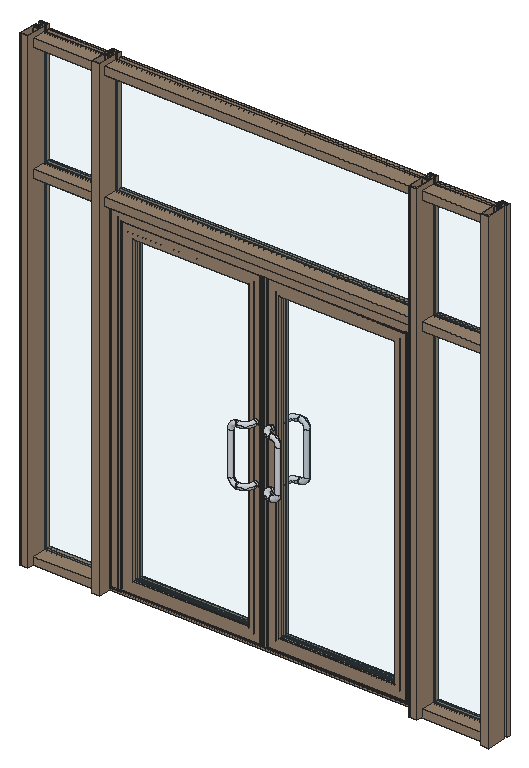
Revit family "5_Витраж с двустворчатой дверью наруж. открывания_F50", category Двери, Revit 2019
Family settings
  Основа = Стена
  Номер OmniClass = 23.30.20.17.11
  Заголовок OmniClass = Fixed Windows
  Всегда вертикально = Да
  При загрузке вырезать с полостями = Нет
  Общий = Нет
  Точка расчета площади = Нет
Parameters (values of type "Стоечно-ригельная F50")
  Ширина прав. = 475.00 mm
  Ширина лев. [instance] = 474.998 mm
  Ширина двери = 2000.00 mm
  Width [instance] = 0.00 mm  # constant formula
  Монтажный зазор.Верх [instance] = 25.00 mm
  Зазор_них_двери = 5.00 mm
  Высота двери = 2200.00 mm
  Высота верхней секции [instance] = 800.00 mm
  VIDNAL_Ширина створки = 1000.00 mm
  VIDNAL_Ширина проема [instance] = 3000.00 mm
  VIDNAL_Цвет конструкции = ""
  VIDNAL_Фурнитура [instance] = ""
  VIDNAL_Формула стеклопакета [instance] = ""
  VIDNAL_Толщина стеклопакета [instance] = "24"  # constant formula
  VIDNAL_Сопротивление ветровой нагрузке = ""
  VIDNAL_Система профилей [instance] = "F50"  # constant formula
  VIDNAL_Площадь изделия [instance] = VIDNAL_Высота проема * VIDNAL_Ширина проема  # 9.00 m²
  VIDNAL_Звукоизоляция [instance] = ""
  VIDNAL_Глубина вставки [instance] = 200.00 mm
  VIDNAL_Высота проема [instance] = 3000.00 mm
  Rough Width = 0.00 mm  # constant formula
  Rough Height = 0.00 mm  # constant formula
  Описание = "Окно"
  Обозначение = "ГОСТ 23747-2015"
  Наименование = ""
  Монтажный зазор.Правый [instance] = 25.00 mm
  Монтажный зазор.Левый [instance] = 25.002 mm
  Марка проема [instance] = ""
  Model = ""
  Стекло = АС_Стекло
  Рама = Алюминий
  Type Comments = ""
  Assembly Code = ""
  Wall Closure = (empty or 0)
  Height [instance] = 0.00 mm  # constant formula
  Аналитическая конструкция = "<Нет>"
  VIDNAL_Возухопроницаемость [instance] = ""
  VIDNAL_Водонепроницаемость [instance] = ""
  VIDNAL_Rприв. профиля со стеклопакетом [instance] = ""
  ADSK_Позиция [instance] = ""
  ADSK_Завод-изготовитель [instance] = "VIDNAL"  # constant formula
Reference planes
  plane 1 "Глубина профиля": y = -152.984
  plane 2 "Отметка 0.000": z = 0
  plane 3 "Слева": x = -1260.6
  plane 4 "Справа": x = 1739.4
  plane 5 "низ рамы": z = 8.998
  plane 6 "ВЕРХ": z = 3000
  plane 7 "Внутренняя": y = -190
  plane 8 "рама верх": z = 2200
  plane 9: y = 190
  plane 10 "стойка1": x = -1235.598
  plane 11 "стойка2": x = -760.6
  plane 12 "стойка3": x = 1239.4
  plane 13 "стойка4": x = 1714.4
  plane 14 "Вставка витража": y = 10
  plane 15 "стекло2": x = -772.6
  plane 16 "верх ригеля": z = 2975
  plane 17 "стекло3": x = -1198.598
  plane 18 "стекло верх": z = 2935.5
  plane 19 "ригель2": z = 2210.5
  plane 20 "стекло сред": z = 2222.5
  plane 21 "стекло прав": x = 1251.4
  plane 22 "стекло прав2": x = 1676.9
  plane 23 "стекло низ": z = 37.5
  plane 24 "Импост": y = -8
  plane 25 "Вставка рамы_слева": x = -750.1
  plane 26 "Вставка рамы_справа": x = 1228.905
  plane 27 "Вставка двери": y = -80
  plane 28 "Ось Штульпа": x = 239.402
  plane 29 "Створка правая": x = 241.902
  plane 30 "Створка левая": x = 236.902
Forms (mm)
  Extrusion 1, void, detail levels medium+fine
    sketch origin (0, 38, 0) x (0, 0, 1) y (-1, 0, 0)
      loop
        line (3000, -1739.4) -> (3000, 1260.6) -> (0, 1260.6) -> (0, -1739.4) -> (3000, -1739.4)
    from -152 to 228
  Sweep 2, solid, material "Алюминий" <- "Рама"
    path origin (0, 10, 0) x (0, 0, -1) y (-1, 0, 0)
      loop
        line (0, 1235.598) -> (-3000, 1235.598)
    profile "Стойка_110_F50 : Стойка_110_F50" origin (-1235.598, 10, 1500) x (1, 0, 0) y (0, 1, 0)
      loop
        line (47.802, -65.689) -> (2.202, -65.689) -> (2.202, -159.701) -> (47.802, -159.701) -> (47.802, -65.689)
      loop
        line (27, -22.742) -> (27, -17) -> (23.003, -17) -> (23.003, -22.742) -> (27, -22.742)
      loop
        line (27.002, -33.984) -> (27.002, -24.129) -> (23.002, -24.129) -> (23.002, -33.984) -> (27.002, -33.984)
      loop
        line (27.002, -54.258) -> (27.002, -35.261) -> (23.002, -35.261) -> (23.002, -54.258) -> (27.002, -54.258)
      loop
        line (28.302, -63.458) -> (28.302, -55.984) -> (21.702, -55.984) -> (21.702, -63.458) -> (28.302, -63.458)
      loop
        line (2.15, -12) -> (2.15, -15) -> (11.1, -15) -> (11.1, -12) -> (2.15, -12)
      loop
        line (38.9, -12) -> (38.9, -15) -> (47.85, -15) -> (47.85, -12) -> (38.9, -12)
      loop
        line (36.9, -13) -> (36.9, -10) -> (45.838, -10) -> (45.838, -7) -> (49, -7) -> (49, -1.4) -> (1, -1.4) -> (1, -7) -> (4.181, -7) -> (4.181, -10) -> (13.1, -10) -> (13.1, -13) -> (36.9, -13)
      loop
        line (50, 0) -> (0, 0) -> (0, -17.984) -> (12.999, -17.984) -> (12.999, -16.984) -> (14.683, -16.984) -> (14.683, -15) -> (20, -15) -> (20, -63.484) -> (2.202, -63.484) -> (2.202, -58.984) -> (9.709, -58.984) -> (11.764, -56.825) -> (11.764, -53.006) -> (12.992, -53.006) -> (12.992, -41.959) -> (0.002, -41.959) -> (0.002, -53.006) -> (0.002, -162.984) -> (49.952, -162.984) -> (49.952, -53.065) -> (49.952, -41.967) -> (37.007, -41.967) -> (37.007, -53.065) -> (38.202, -53.065) -> (38.202, -56.832) -> (40.295, -58.984) -> (47.802, -58.984) -> (47.802, -63.458) -> (30, -63.458) -> (30, -15) -> (35.317, -15) -> (35.317, -16.99) -> (37.002, -16.99) -> (37.002, -18) -> (50, -18) -> (50, 0)
  Sweep 3, solid, material "Алюминий" <- "Рама"
    path origin (0, 10, 0) x (0, 0, -1) y (-1, 0, 0)
      loop
        line (0, 760.6) -> (-3000, 760.6)
    profile "Стойка_110_F50 : Стойка_110_F50" origin (-760.6, 10, 1500) x (1, 0, 0) y (0, 1, 0)
      loop
        line (22.802, -65.689) -> (-22.798, -65.689) -> (-22.798, -159.701) -> (22.802, -159.701) -> (22.802, -65.689)
      loop
        line (2, -22.742) -> (2, -17) -> (-1.997, -17) -> (-1.997, -22.742) -> (2, -22.742)
      loop
        line (2.002, -33.984) -> (2.002, -24.129) -> (-1.998, -24.129) -> (-1.998, -33.984) -> (2.002, -33.984)
      loop
        line (2.002, -54.258) -> (2.002, -35.261) -> (-1.998, -35.261) -> (-1.998, -54.258) -> (2.002, -54.258)
      loop
        line (3.302, -63.458) -> (3.302, -55.984) -> (-3.298, -55.984) -> (-3.298, -63.458) -> (3.302, -63.458)
      loop
        line (-22.85, -12) -> (-22.85, -15) -> (-13.9, -15) -> (-13.9, -12) -> (-22.85, -12)
      loop
        line (13.9, -12) -> (13.9, -15) -> (22.85, -15) -> (22.85, -12) -> (13.9, -12)
      loop
        line (11.9, -13) -> (11.9, -10) -> (20.838, -10) -> (20.838, -7) -> (24, -7) -> (24, -1.4) -> (-24, -1.4) -> (-24, -7) -> (-20.819, -7) -> (-20.819, -10) -> (-11.9, -10) -> (-11.9, -13) -> (11.9, -13)
      loop
        line (25, 0) -> (-25, 0) -> (-25, -17.984) -> (-12.001, -17.984) -> (-12.001, -16.984) -> (-10.317, -16.984) -> (-10.317, -15) -> (-5, -15) -> (-5, -63.484) -> (-22.798, -63.484) -> (-22.798, -58.984) -> (-15.291, -58.984) -> (-13.236, -56.825) -> (-13.236, -53.006) -> (-12.008, -53.006) -> (-12.008, -41.959) -> (-24.998, -41.959) -> (-24.998, -53.006) -> (-24.998, -162.984) -> (24.952, -162.984) -> (24.952, -53.065) -> (24.952, -41.967) -> (12.007, -41.967) -> (12.007, -53.065) -> (13.202, -53.065) -> (13.202, -56.832) -> (15.295, -58.984) -> (22.802, -58.984) -> (22.802, -63.458) -> (5, -63.458) -> (5, -15) -> (10.317, -15) -> (10.317, -16.99) -> (12.002, -16.99) -> (12.002, -18) -> (25, -18) -> (25, 0)
  Sweep 4, solid, material "Алюминий" <- "Рама"
    path origin (0, 10, 0) x (0, 0, -1) y (-1, 0, 0)
      loop
        line (-2975, 1185.646) -> (-2975, 785.598)
    profile "Ригель_86_F50 : Ригель_86_F50" origin (-985.622, 10, 2975) x (0, 0, -1) y (0, 1, 0)
      loop
        line (10.999, -40.802) -> (1.81, -40.802) -> (1.81, -48) -> (10.999, -48) -> (10.999, -40.802)
      loop
        line (48.199, -40.802) -> (39.01, -40.802) -> (39.01, -48) -> (48.199, -48) -> (48.199, -40.802)
      loop
        line (48.199, -128.4) -> (48.199, -49.673) -> (1.788, -49.673) -> (1.788, -128.4) -> (48.199, -128.4)
      loop
        line (28.5, -21.077) -> (28.5, -14) -> (21.5, -14) -> (21.5, -21.077) -> (28.5, -21.077)
      loop
        line (28.5, -31.01) -> (28.5, -22.563) -> (21.5, -22.563) -> (21.5, -31.01) -> (28.5, -31.01)
      loop
        line (27, -48) -> (27, -33.139) -> (23.02, -33.139) -> (23.02, -48) -> (27, -48)
      loop
        line (2.15, -9) -> (2.15, -12) -> (11.1, -12) -> (11.1, -9) -> (2.15, -9)
      loop
        line (38.9, -9) -> (38.9, -12) -> (47.85, -12) -> (47.85, -9) -> (38.9, -9)
      loop
        line (36.9, -10) -> (36.9, -7) -> (45.819, -7) -> (45.838, -4) -> (49, -4) -> (49, -1.4) -> (1, -1.4) -> (1, -4) -> (4.181, -4) -> (4.181, -7) -> (13.1, -7) -> (13.1, -10) -> (36.9, -10)
      loop
        line (20, -12) -> (20, -48) -> (12.8, -48) -> (12.8, -39) -> (0.024, -39) -> (0.024, -130) -> (50, -130) -> (50, -39) -> (37.2, -39) -> (37.2, -48) -> (29.9, -48) -> (29.9, -12) -> (35.317, -12) -> (35.317, -13.99) -> (37.002, -13.99) -> (37.002, -15) -> (50, -15) -> (50, 0) -> (0, 0) -> (0, -14.984) -> (12.999, -14.984) -> (12.999, -13.984) -> (14.683, -13.984) -> (14.683, -12) -> (20, -12)
  Sweep 5, solid, material "Алюминий" <- "Рама"
    path origin (0.048, 10, 0) x (0, 0, -1) y (-1, 0, 0)
      loop
        line (0, -1714.4) -> (-3000, -1714.4)
    profile "Стойка_110_F50 : Стойка_110_F50" origin (1714.448, 10, 1500) x (1, 0, 0) y (0, 1, 0)
      loop
        line (-2.198, -65.689) -> (-47.798, -65.689) -> (-47.798, -159.701) -> (-2.198, -159.701) -> (-2.198, -65.689)
      loop
        line (-23, -22.742) -> (-23, -17) -> (-26.997, -17) -> (-26.997, -22.742) -> (-23, -22.742)
      loop
        line (-22.998, -33.984) -> (-22.998, -24.129) -> (-26.998, -24.129) -> (-26.998, -33.984) -> (-22.998, -33.984)
      loop
        line (-22.998, -54.258) -> (-22.998, -35.261) -> (-26.998, -35.261) -> (-26.998, -54.258) -> (-22.998, -54.258)
      loop
        line (-21.698, -63.458) -> (-21.698, -55.984) -> (-28.298, -55.984) -> (-28.298, -63.458) -> (-21.698, -63.458)
      loop
        line (-47.85, -12) -> (-47.85, -15) -> (-38.9, -15) -> (-38.9, -12) -> (-47.85, -12)
      loop
        line (-11.1, -12) -> (-11.1, -15) -> (-2.15, -15) -> (-2.15, -12) -> (-11.1, -12)
      loop
        line (-13.1, -13) -> (-13.1, -10) -> (-4.162, -10) -> (-4.162, -7) -> (-1, -7) -> (-1, -1.4) -> (-49, -1.4) -> (-49, -7) -> (-45.819, -7) -> (-45.819, -10) -> (-36.9, -10) -> (-36.9, -13) -> (-13.1, -13)
      loop
        line (0, 0) -> (-50, 0) -> (-50, -17.984) -> (-37.001, -17.984) -> (-37.001, -16.984) -> (-35.317, -16.984) -> (-35.317, -15) -> (-30, -15) -> (-30, -63.484) -> (-47.798, -63.484) -> (-47.798, -58.984) -> (-40.291, -58.984) -> (-38.236, -56.825) -> (-38.236, -53.006) -> (-37.008, -53.006) -> (-37.008, -41.959) -> (-49.998, -41.959) -> (-49.998, -53.006) -> (-49.998, -162.984) -> (-0.048, -162.984) -> (-0.048, -53.065) -> (-0.048, -41.967) -> (-12.993, -41.967) -> (-12.993, -53.065) -> (-11.798, -53.065) -> (-11.798, -56.832) -> (-9.705, -58.984) -> (-2.198, -58.984) -> (-2.198, -63.458) -> (-20, -63.458) -> (-20, -15) -> (-14.683, -15) -> (-14.683, -16.99) -> (-12.998, -16.99) -> (-12.998, -18) -> (0, -18) -> (0, 0)
  Extrusion 6, solid, material "АС_Стекло"
    sketch origin (0, -8, 0) x (0, 0, 1) y (-1, 0, 0)
      loop
        line (2200, 1198.598) -> (35.317, 1198.598) -> (35.317, 772.6) -> (2200, 772.6) -> (2200, 1198.598)
    from 0 to 24
  Sweep 7, solid, material "Алюминий" <- "Рама"
    path origin (0, 10, 0) x (0, 0, -1) y (-1, 0, 0)
      loop
        line (0, -1239.4) -> (-3000, -1239.4)
    profile "Стойка_110_F50 : Стойка_110_F50" origin (1239.4, 10, 1500) x (1, 0, 0) y (0, 1, 0)
      loop
        line (22.802, -65.689) -> (-22.798, -65.689) -> (-22.798, -159.701) -> (22.802, -159.701) -> (22.802, -65.689)
      loop
        line (2, -22.742) -> (2, -17) -> (-1.997, -17) -> (-1.997, -22.742) -> (2, -22.742)
      loop
        line (2.002, -33.984) -> (2.002, -24.129) -> (-1.998, -24.129) -> (-1.998, -33.984) -> (2.002, -33.984)
      loop
        line (2.002, -54.258) -> (2.002, -35.261) -> (-1.998, -35.261) -> (-1.998, -54.258) -> (2.002, -54.258)
      loop
        line (3.302, -63.458) -> (3.302, -55.984) -> (-3.298, -55.984) -> (-3.298, -63.458) -> (3.302, -63.458)
      loop
        line (-22.85, -12) -> (-22.85, -15) -> (-13.9, -15) -> (-13.9, -12) -> (-22.85, -12)
      loop
        line (13.9, -12) -> (13.9, -15) -> (22.85, -15) -> (22.85, -12) -> (13.9, -12)
      loop
        line (11.9, -13) -> (11.9, -10) -> (20.838, -10) -> (20.838, -7) -> (24, -7) -> (24, -1.4) -> (-24, -1.4) -> (-24, -7) -> (-20.819, -7) -> (-20.819, -10) -> (-11.9, -10) -> (-11.9, -13) -> (11.9, -13)
      loop
        line (25, 0) -> (-25, 0) -> (-25, -17.984) -> (-12.001, -17.984) -> (-12.001, -16.984) -> (-10.317, -16.984) -> (-10.317, -15) -> (-5, -15) -> (-5, -63.484) -> (-22.798, -63.484) -> (-22.798, -58.984) -> (-15.291, -58.984) -> (-13.236, -56.825) -> (-13.236, -53.006) -> (-12.008, -53.006) -> (-12.008, -41.959) -> (-24.998, -41.959) -> (-24.998, -53.006) -> (-24.998, -162.984) -> (24.952, -162.984) -> (24.952, -53.065) -> (24.952, -41.967) -> (12.007, -41.967) -> (12.007, -53.065) -> (13.202, -53.065) -> (13.202, -56.832) -> (15.295, -58.984) -> (22.802, -58.984) -> (22.802, -63.458) -> (5, -63.458) -> (5, -15) -> (10.317, -15) -> (10.317, -16.99) -> (12.002, -16.99) -> (12.002, -18) -> (25, -18) -> (25, 0)
  Sweep 8, solid, material "Алюминий" <- "Рама"
    path origin (0, 10, 0) x (0, 0, -1) y (-1, 0, 0)
      loop
        line (-2975, 735.648) -> (-2975, -1214.402)
    profile "Ригель_86_F50 : Ригель_86_F50" origin (239.377, 10, 2975) x (0, 0, -1) y (0, 1, 0)
      loop
        line (10.999, -40.802) -> (1.81, -40.802) -> (1.81, -48) -> (10.999, -48) -> (10.999, -40.802)
      loop
        line (48.199, -40.802) -> (39.01, -40.802) -> (39.01, -48) -> (48.199, -48) -> (48.199, -40.802)
      loop
        line (48.199, -128.4) -> (48.199, -49.673) -> (1.788, -49.673) -> (1.788, -128.4) -> (48.199, -128.4)
      loop
        line (28.5, -21.077) -> (28.5, -14) -> (21.5, -14) -> (21.5, -21.077) -> (28.5, -21.077)
      loop
        line (28.5, -31.01) -> (28.5, -22.563) -> (21.5, -22.563) -> (21.5, -31.01) -> (28.5, -31.01)
      loop
        line (27, -48) -> (27, -33.139) -> (23.02, -33.139) -> (23.02, -48) -> (27, -48)
      loop
        line (2.15, -9) -> (2.15, -12) -> (11.1, -12) -> (11.1, -9) -> (2.15, -9)
      loop
        line (38.9, -9) -> (38.9, -12) -> (47.85, -12) -> (47.85, -9) -> (38.9, -9)
      loop
        line (36.9, -10) -> (36.9, -7) -> (45.819, -7) -> (45.838, -4) -> (49, -4) -> (49, -1.4) -> (1, -1.4) -> (1, -4) -> (4.181, -4) -> (4.181, -7) -> (13.1, -7) -> (13.1, -10) -> (36.9, -10)
      loop
        line (20, -12) -> (20, -48) -> (12.8, -48) -> (12.8, -39) -> (0.024, -39) -> (0.024, -130) -> (50, -130) -> (50, -39) -> (37.2, -39) -> (37.2, -48) -> (29.9, -48) -> (29.9, -12) -> (35.317, -12) -> (35.317, -13.99) -> (37.002, -13.99) -> (37.002, -15) -> (50, -15) -> (50, 0) -> (0, 0) -> (0, -14.984) -> (12.999, -14.984) -> (12.999, -13.984) -> (14.683, -13.984) -> (14.683, -12) -> (20, -12)
  Sweep 9, solid, material "Алюминий" <- "Рама"
    path origin (0, 10, 0) x (0, 0, -1) y (-1, 0, 0)
      loop
        line (-2975, -1264.352) -> (-2975, -1664.45)
    profile "Ригель_86_F50 : Ригель_86_F50" origin (1464.401, 10, 2975) x (0, 0, -1) y (0, 1, 0)
      loop
        line (10.999, -40.802) -> (1.81, -40.802) -> (1.81, -48) -> (10.999, -48) -> (10.999, -40.802)
      loop
        line (48.199, -40.802) -> (39.01, -40.802) -> (39.01, -48) -> (48.199, -48) -> (48.199, -40.802)
      loop
        line (48.199, -128.4) -> (48.199, -49.673) -> (1.788, -49.673) -> (1.788, -128.4) -> (48.199, -128.4)
      loop
        line (28.5, -21.077) -> (28.5, -14) -> (21.5, -14) -> (21.5, -21.077) -> (28.5, -21.077)
      loop
        line (28.5, -31.01) -> (28.5, -22.563) -> (21.5, -22.563) -> (21.5, -31.01) -> (28.5, -31.01)
      loop
        line (27, -48) -> (27, -33.139) -> (23.02, -33.139) -> (23.02, -48) -> (27, -48)
      loop
        line (2.15, -9) -> (2.15, -12) -> (11.1, -12) -> (11.1, -9) -> (2.15, -9)
      loop
        line (38.9, -9) -> (38.9, -12) -> (47.85, -12) -> (47.85, -9) -> (38.9, -9)
      loop
        line (36.9, -10) -> (36.9, -7) -> (45.819, -7) -> (45.838, -4) -> (49, -4) -> (49, -1.4) -> (1, -1.4) -> (1, -4) -> (4.181, -4) -> (4.181, -7) -> (13.1, -7) -> (13.1, -10) -> (36.9, -10)
      loop
        line (20, -12) -> (20, -48) -> (12.8, -48) -> (12.8, -39) -> (0.024, -39) -> (0.024, -130) -> (50, -130) -> (50, -39) -> (37.2, -39) -> (37.2, -48) -> (29.9, -48) -> (29.9, -12) -> (35.317, -12) -> (35.317, -13.99) -> (37.002, -13.99) -> (37.002, -15) -> (50, -15) -> (50, 0) -> (0, 0) -> (0, -14.984) -> (12.999, -14.984) -> (12.999, -13.984) -> (14.683, -13.984) -> (14.683, -12) -> (20, -12)
  Sweep 10, solid, material "Алюминий" <- "Рама"
    path origin (0, 10, 0) x (0, 0, -1) y (-1, 0, 0)
      loop
        line (-2210.5, 1185.646) -> (-2210.5, 785.598)
    profile "Ригель_86_F50 : Ригель_86_F50" origin (-985.622, 10, 2210.5) x (0, 0, -1) y (0, 1, 0)
      loop
        line (-14.001, -40.802) -> (-23.19, -40.802) -> (-23.19, -48) -> (-14.001, -48) -> (-14.001, -40.802)
      loop
        line (23.199, -40.802) -> (14.01, -40.802) -> (14.01, -48) -> (23.199, -48) -> (23.199, -40.802)
      loop
        line (23.199, -128.4) -> (23.199, -49.673) -> (-23.212, -49.673) -> (-23.212, -128.4) -> (23.199, -128.4)
      loop
        line (3.5, -21.077) -> (3.5, -14) -> (-3.5, -14) -> (-3.5, -21.077) -> (3.5, -21.077)
      loop
        line (3.5, -31.01) -> (3.5, -22.563) -> (-3.5, -22.563) -> (-3.5, -31.01) -> (3.5, -31.01)
      loop
        line (2, -48) -> (2, -33.139) -> (-1.98, -33.139) -> (-1.98, -48) -> (2, -48)
      loop
        line (-22.85, -9) -> (-22.85, -12) -> (-13.9, -12) -> (-13.9, -9) -> (-22.85, -9)
      loop
        line (13.9, -9) -> (13.9, -12) -> (22.85, -12) -> (22.85, -9) -> (13.9, -9)
      loop
        line (11.9, -10) -> (11.9, -7) -> (20.819, -7) -> (20.838, -4) -> (24, -4) -> (24, -1.4) -> (-24, -1.4) -> (-24, -4) -> (-20.819, -4) -> (-20.819, -7) -> (-11.9, -7) -> (-11.9, -10) -> (11.9, -10)
      loop
        line (-5, -12) -> (-5, -48) -> (-12.2, -48) -> (-12.2, -39) -> (-24.976, -39) -> (-24.976, -130) -> (25, -130) -> (25, -39) -> (12.2, -39) -> (12.2, -48) -> (4.9, -48) -> (4.9, -12) -> (10.317, -12) -> (10.317, -13.99) -> (12.002, -13.99) -> (12.002, -15) -> (25, -15) -> (25, 0) -> (-25, 0) -> (-25, -14.984) -> (-12.001, -14.984) -> (-12.001, -13.984) -> (-10.317, -13.984) -> (-10.317, -12) -> (-5, -12)
  Sweep 11, solid, material "Алюминий" <- "Рама"
    path origin (0, 10, 0) x (0, 0, -1) y (-1, 0, 0)
      loop
        line (-2210.5, 735.648) -> (-2210.5, -1214.402)
    profile "Ригель_86_F50 : Ригель_86_F50" origin (239.377, 10, 2210.5) x (0, 0, -1) y (0, 1, 0)
      loop
        line (-14.001, -40.802) -> (-23.19, -40.802) -> (-23.19, -48) -> (-14.001, -48) -> (-14.001, -40.802)
      loop
        line (23.199, -40.802) -> (14.01, -40.802) -> (14.01, -48) -> (23.199, -48) -> (23.199, -40.802)
      loop
        line (23.199, -128.4) -> (23.199, -49.673) -> (-23.212, -49.673) -> (-23.212, -128.4) -> (23.199, -128.4)
      loop
        line (3.5, -21.077) -> (3.5, -14) -> (-3.5, -14) -> (-3.5, -21.077) -> (3.5, -21.077)
      loop
        line (3.5, -31.01) -> (3.5, -22.563) -> (-3.5, -22.563) -> (-3.5, -31.01) -> (3.5, -31.01)
      loop
        line (2, -48) -> (2, -33.139) -> (-1.98, -33.139) -> (-1.98, -48) -> (2, -48)
      loop
        line (-22.85, -9) -> (-22.85, -12) -> (-13.9, -12) -> (-13.9, -9) -> (-22.85, -9)
      loop
        line (13.9, -9) -> (13.9, -12) -> (22.85, -12) -> (22.85, -9) -> (13.9, -9)
      loop
        line (11.9, -10) -> (11.9, -7) -> (20.819, -7) -> (20.838, -4) -> (24, -4) -> (24, -1.4) -> (-24, -1.4) -> (-24, -4) -> (-20.819, -4) -> (-20.819, -7) -> (-11.9, -7) -> (-11.9, -10) -> (11.9, -10)
      loop
        line (-5, -12) -> (-5, -48) -> (-12.2, -48) -> (-12.2, -39) -> (-24.976, -39) -> (-24.976, -130) -> (25, -130) -> (25, -39) -> (12.2, -39) -> (12.2, -48) -> (4.9, -48) -> (4.9, -12) -> (10.317, -12) -> (10.317, -13.99) -> (12.002, -13.99) -> (12.002, -15) -> (25, -15) -> (25, 0) -> (-25, 0) -> (-25, -14.984) -> (-12.001, -14.984) -> (-12.001, -13.984) -> (-10.317, -13.984) -> (-10.317, -12) -> (-5, -12)
  Sweep 12, solid, material "Алюминий" <- "Рама"
    path origin (0, 10, 0) x (0, 0, -1) y (-1, 0, 0)
      loop
        line (-2210.5, -1264.352) -> (-2210.5, -1664.45)
    profile "Ригель_86_F50 : Ригель_86_F50" origin (1464.401, 10, 2210.5) x (0, 0, -1) y (0, 1, 0)
      loop
        line (-14.001, -40.802) -> (-23.19, -40.802) -> (-23.19, -48) -> (-14.001, -48) -> (-14.001, -40.802)
      loop
        line (23.199, -40.802) -> (14.01, -40.802) -> (14.01, -48) -> (23.199, -48) -> (23.199, -40.802)
      loop
        line (23.199, -128.4) -> (23.199, -49.673) -> (-23.212, -49.673) -> (-23.212, -128.4) -> (23.199, -128.4)
      loop
        line (3.5, -21.077) -> (3.5, -14) -> (-3.5, -14) -> (-3.5, -21.077) -> (3.5, -21.077)
      loop
        line (3.5, -31.01) -> (3.5, -22.563) -> (-3.5, -22.563) -> (-3.5, -31.01) -> (3.5, -31.01)
      loop
        line (2, -48) -> (2, -33.139) -> (-1.98, -33.139) -> (-1.98, -48) -> (2, -48)
      loop
        line (-22.85, -9) -> (-22.85, -12) -> (-13.9, -12) -> (-13.9, -9) -> (-22.85, -9)
      loop
        line (13.9, -9) -> (13.9, -12) -> (22.85, -12) -> (22.85, -9) -> (13.9, -9)
      loop
        line (11.9, -10) -> (11.9, -7) -> (20.819, -7) -> (20.838, -4) -> (24, -4) -> (24, -1.4) -> (-24, -1.4) -> (-24, -4) -> (-20.819, -4) -> (-20.819, -7) -> (-11.9, -7) -> (-11.9, -10) -> (11.9, -10)
      loop
        line (-5, -12) -> (-5, -48) -> (-12.2, -48) -> (-12.2, -39) -> (-24.976, -39) -> (-24.976, -130) -> (25, -130) -> (25, -39) -> (12.2, -39) -> (12.2, -48) -> (4.9, -48) -> (4.9, -12) -> (10.317, -12) -> (10.317, -13.99) -> (12.002, -13.99) -> (12.002, -15) -> (25, -15) -> (25, 0) -> (-25, 0) -> (-25, -14.984) -> (-12.001, -14.984) -> (-12.001, -13.984) -> (-10.317, -13.984) -> (-10.317, -12) -> (-5, -12)
  Extrusion 13, solid, material "АС_Стекло"
    sketch origin (80.2, -5, 1700) x (0, 0, -1) y (-1, 0, 0)
      loop
        line (-1235.5, 1278.798) -> (-1235.5, 852.8) -> (-522.5, 852.8) -> (-522.5, 1278.798) -> (-1235.5, 1278.798)
    from 0 to -24
  Extrusion 14, solid, material "АС_Стекло"
    sketch origin (860.2, -5, 1700) x (0, 0, -1) y (-1, 0, 0)
      loop
        line (-1235.5, 1608.8) -> (-1235.5, -367.2) -> (-522.5, -367.2) -> (-522.5, 1608.8) -> (-1235.5, 1608.8)
    from 0 to -24
  Extrusion 15, solid, material "АС_Стекло"
    sketch origin (2640.2, -5, 1700) x (0, 0, -1) y (-1, 0, 0)
      loop
        line (-1235.5, 1388.8) -> (-1235.5, 963.3) -> (-522.5, 963.3) -> (-522.5, 1388.8) -> (-1235.5, 1388.8)
    from 0 to -24
  Sweep 16, solid, material "Алюминий"
    path origin (0, 10, 0) x (0, 0, -1) y (-1, 0, 0)
      loop
        line (-50, 1185.646) -> (-50, 785.598)
    profile "Ригель_86_F50 : Ригель_86_F50" origin (-985.622, 10, 50) x (0, 0, -1) y (0, 1, 0)
      loop
        line (10.999, -40.802) -> (1.81, -40.802) -> (1.81, -48) -> (10.999, -48) -> (10.999, -40.802)
      loop
        line (48.199, -40.802) -> (39.01, -40.802) -> (39.01, -48) -> (48.199, -48) -> (48.199, -40.802)
      loop
        line (48.199, -128.4) -> (48.199, -49.673) -> (1.788, -49.673) -> (1.788, -128.4) -> (48.199, -128.4)
      loop
        line (28.5, -21.077) -> (28.5, -14) -> (21.5, -14) -> (21.5, -21.077) -> (28.5, -21.077)
      loop
        line (28.5, -31.01) -> (28.5, -22.563) -> (21.5, -22.563) -> (21.5, -31.01) -> (28.5, -31.01)
      loop
        line (27, -48) -> (27, -33.139) -> (23.02, -33.139) -> (23.02, -48) -> (27, -48)
      loop
        line (2.15, -9) -> (2.15, -12) -> (11.1, -12) -> (11.1, -9) -> (2.15, -9)
      loop
        line (38.9, -9) -> (38.9, -12) -> (47.85, -12) -> (47.85, -9) -> (38.9, -9)
      loop
        line (36.9, -10) -> (36.9, -7) -> (45.819, -7) -> (45.838, -4) -> (49, -4) -> (49, -1.4) -> (1, -1.4) -> (1, -4) -> (4.181, -4) -> (4.181, -7) -> (13.1, -7) -> (13.1, -10) -> (36.9, -10)
      loop
        line (20, -12) -> (20, -48) -> (12.8, -48) -> (12.8, -39) -> (0.024, -39) -> (0.024, -130) -> (50, -130) -> (50, -39) -> (37.2, -39) -> (37.2, -48) -> (29.9, -48) -> (29.9, -12) -> (35.317, -12) -> (35.317, -13.99) -> (37.002, -13.99) -> (37.002, -15) -> (50, -15) -> (50, 0) -> (0, 0) -> (0, -14.984) -> (12.999, -14.984) -> (12.999, -13.984) -> (14.683, -13.984) -> (14.683, -12) -> (20, -12)
  Sweep 17, solid, material "Алюминий"
    path origin (0, 10, 0) x (0, 0, -1) y (-1, 0, 0)
      loop
        line (-50, -1264.352) -> (-50, -1664.4)
    profile "Ригель_86_F50 : Ригель_86_F50" origin (1464.376, 10, 50) x (0, 0, -1) y (0, 1, 0)
      loop
        line (10.999, -40.802) -> (1.81, -40.802) -> (1.81, -48) -> (10.999, -48) -> (10.999, -40.802)
      loop
        line (48.199, -40.802) -> (39.01, -40.802) -> (39.01, -48) -> (48.199, -48) -> (48.199, -40.802)
      loop
        line (48.199, -128.4) -> (48.199, -49.673) -> (1.788, -49.673) -> (1.788, -128.4) -> (48.199, -128.4)
      loop
        line (28.5, -21.077) -> (28.5, -14) -> (21.5, -14) -> (21.5, -21.077) -> (28.5, -21.077)
      loop
        line (28.5, -31.01) -> (28.5, -22.563) -> (21.5, -22.563) -> (21.5, -31.01) -> (28.5, -31.01)
      loop
        line (27, -48) -> (27, -33.139) -> (23.02, -33.139) -> (23.02, -48) -> (27, -48)
      loop
        line (2.15, -9) -> (2.15, -12) -> (11.1, -12) -> (11.1, -9) -> (2.15, -9)
      loop
        line (38.9, -9) -> (38.9, -12) -> (47.85, -12) -> (47.85, -9) -> (38.9, -9)
      loop
        line (36.9, -10) -> (36.9, -7) -> (45.819, -7) -> (45.838, -4) -> (49, -4) -> (49, -1.4) -> (1, -1.4) -> (1, -4) -> (4.181, -4) -> (4.181, -7) -> (13.1, -7) -> (13.1, -10) -> (36.9, -10)
      loop
        line (20, -12) -> (20, -48) -> (12.8, -48) -> (12.8, -39) -> (0.024, -39) -> (0.024, -130) -> (50, -130) -> (50, -39) -> (37.2, -39) -> (37.2, -48) -> (29.9, -48) -> (29.9, -12) -> (35.317, -12) -> (35.317, -13.99) -> (37.002, -13.99) -> (37.002, -15) -> (50, -15) -> (50, 0) -> (0, 0) -> (0, -14.984) -> (12.999, -14.984) -> (12.999, -13.984) -> (14.683, -13.984) -> (14.683, -12) -> (20, -12)
  Sweep 18, solid, material "Алюминий"
    path origin (0, 10, -5) x (0, 0, -1) y (-1, 0, 0)
      loop
        line (-30, 735.6) -> (-30, -1214.4)
    profile "Профиль_Порог_174-174 : Профиль_Порог_174-174" origin (239.4, 10, 25) x (0, 0, -1) y (0, 1, 0)
      loop
        line (12.862, -49.036) -> (12.862, -62.556) -> (18.007, -66.301) -> (23.151, -62.558) -> (23.151, -49.039) -> (18.007, -45.296) -> (12.862, -49.036)
      loop
        line (9, -22.208) -> (9, -23.354) -> (14.528, -23.354) -> (14.528, -25.207) -> (11, -25.207) -> (11, -71.901) -> (1.7, -71.901) -> (1.7, -79.827) -> (11.062, -79.827) -> (11.062, -85.3) -> (25, -85.3) -> (25, -83.677) -> (23.999, -83.677) -> (23.999, -70.6) -> (25, -70.6) -> (25, -40.997) -> (23.999, -40.997) -> (23.999, -27.92) -> (25, -27.92) -> (25, -26.297) -> (15.999, -26.297) -> (15.999, -22.208) -> (9, -22.208)
      loop
        line (17.32, -74.274) -> (16.133, -75.461)
        arc (16.133, -75.461) -> (14.582, -73.254) -> (15.06, -70.6) r 3.5
        line (15.06, -70.6) -> (13.2, -70.6) -> (13.2, -83.502) -> (22.5, -83.502) -> (22.5, -70.6) -> (20.939, -70.6)
        arc (20.939, -70.6) -> (21.418, -73.254) -> (19.866, -75.461) r 3.5
        line (19.866, -75.461) -> (18.68, -74.274)
        arc (18.68, -74.274) -> (18, -70.6) -> (17.32, -74.274) r 1.9
      loop
        arc (17.32, -37.323) -> (18, -40.997) -> (18.68, -37.323) r 1.9
        line (18.68, -37.323) -> (19.866, -36.136)
        arc (19.866, -36.136) -> (21.418, -38.342) -> (20.939, -40.997) r 3.5
        line (20.939, -40.997) -> (22.5, -40.997) -> (22.5, -28.095) -> (13.2, -28.095) -> (13.2, -40.997) -> (15.06, -40.997)
        arc (15.06, -40.997) -> (14.582, -38.342) -> (16.133, -36.136) r 3.5
        line (16.133, -36.136) -> (17.32, -37.323)
  Extrusion 19, solid
    sketch origin (0, -8, 0) x (0, 0, 1) y (-1, 0, 0)
      loop
        line (2200, -1251.4) -> (37.001, -1251.4) -> (37.001, -1676.9) -> (2200, -1676.9) -> (2200, -1251.4)
    from 0 to 24
  Sweep 20, solid
    path origin (-7.533, -8, -0.751) x (0, 0, 1) y (-1, 0, 0)
      loop
        line (17.714, 734.6) -> (2192.784, 734.6) -> (2192.784, -1228.47) -> (17.714, -1228.47)
    profile "Профиль_Створка_дверь_внутр_(ригель)_161-241 : Створка_дверь_внутр_161-241" origin (239.402, -8, 2192.033) x (0, 0, 1) y (0, -1, 0)
      loop
        line (-64.152, 16.171) -> (-56.612, 10) -> (-23.363, 10) -> (-15.85, 16.442) -> (-15.85, 29.758) -> (-23.363, 36) -> (-56.612, 36) -> (-64.152, 29.761) -> (-64.152, 16.171)
      loop
        line (-20.75, 1.8) -> (-20.75, 8.2) -> (-59.25, 8.2) -> (-59.25, 1.8) -> (-20.75, 1.8)
      loop
        line (-64.25, 37.8) -> (-15.75, 37.8) -> (-15.75, 53.168) -> (-20.75, 53.168) -> (-20.75, 70.2) -> (-59.25, 70.2) -> (-59.25, 62.1) -> (-64.25, 62.1) -> (-64.25, 37.8)
      loop
        line (-14, 72) -> (-61, 72) -> (-83, 72) -> (-83, 67.8) -> (-79.5, 67.8) -> (-79.5, 70.5) -> (-78, 70.5) -> (-78, 67.8) -> (-76, 67.8) -> (-76, 70.5) -> (-61, 70.5) -> (-61, 63.75) -> (-66, 63.75) -> (-66, 10) -> (-71, 10) -> (-71, 8.3) -> (-61, 8.3) -> (-61, 0) -> (7.967, 0) -> (7.967, 8) -> (1.631, 8) -> (1.631, 4.2) -> (-0.5, 4.2) -> (-0.5, 3.2) -> (1, 3.2) -> (1, 1.5) -> (-19, 1.5) -> (-19, 8.3) -> (-14, 8.3) -> (-14, 58.3) -> (-15.75, 58.3) -> (-15.75, 54.8) -> (-19, 54.8) -> (-19, 70.2) -> (-15.75, 70.2) -> (-15.75, 66.8) -> (-14, 66.8) -> (-14, 72)
  Sweep 21, solid, material "Алюминий"
    path origin (536.952, -8.001, 77.942) x (0, 0, -1) y (-1, 0, 0)
      loop
        line (-2031.09, 297.598) -> (54.642, 297.598)
    profile "Профиль_Штульп_дверь_172-272 : Профиль_Штульп_дверь_172-272" origin (239.354, -8.001, 1066.166) x (-1, 0, 0) y (0, 1, 0)
      loop
        line (-12.686, -16.24) -> (-12.686, -29.76) -> (-7.271, -33.633) -> (-6.048, -35.483) -> (-4.825, -33.633) -> (0.6, -29.76) -> (0.6, -16.24) -> (-4.825, -12.365) -> (-6.043, -10.524) -> (-7.335, -12.399) -> (-12.686, -16.24)
      loop
        line (-13.048, -37.699) -> (-13.048, -65.199) -> (-18.048, -65.199) -> (-18.048, -70.499) -> (0.752, -70.499) -> (0.752, -37.699) -> (-13.048, -37.699)
      loop
        line (-19.548, -8.249) -> (-19.548, -9.999) -> (-14.548, -9.999) -> (-14.548, -63.699) -> (-19.548, -63.699) -> (-19.548, -71.999) -> (19.452, -71.999) -> (19.452, -67.799) -> (17.452, -67.799) -> (17.452, -68.799) -> (18.452, -68.799) -> (18.452, -70.799) -> (13.452, -70.799) -> (13.452, -68.799) -> (14.452, -68.799) -> (14.452, -67.799) -> (12.452, -67.799) -> (12.452, -70.499) -> (2.452, -70.499) -> (2.452, -9.999) -> (7.452, -9.999) -> (7.452, -8.249) -> (-2.548, -8.249) -> (-2.548, -4.199) -> (-6.048, -4.199) -> (-6.048, -3.05) -> (-7.548, -3.05) -> (-7.548, -5.749) -> (-4.048, -5.749) -> (-4.048, -8.249) -> (-19.548, -8.249)
Lines and regions (mm)
  symbolic lines, detail levels fine
    curve 1: line (-163.1, -5, 8.998) -> (-163.1, -152.984, 8.998)
    curve 4: line (-163.1, -5, 3000) -> (-163.1, -152.984, 3000)
  symbolic lines
    curve 2: line (-163.1, -5, 1269.333) -> (-163.1, -5, 8.998)
    curve 3: line (-163.1, -152.984, 8.998) -> (-163.1, -152.984, 1269.333)
    curve 5: line (-163.1, -5, 2200) -> (-163.1, -5, 3000)
    curve 6: line (-163.1, -152.984, 3000) -> (-163.1, -152.984, 2200)
  symbolic lines, detail levels coarse
    curve 7: line (1739.4, -5, 3000) -> (1739.4, -5, 0)
    curve 8: line (1739.4, -152.984, 3000) -> (1739.4, -152.984, 0)
  reference lines
    curve 9: line (1214.402, -5, 2187.045) -> (1214.402, -5, 1242.045)
    curve 10: line (-742.265, -5, 1242.045) -> (-742.265, -5, 2187.045)
    curve 11: line (-742.265, -5, 2187.045) -> (1214.402, -5, 2187.045)
    curve 12: line (84.4, -80, 8.998) -> (84.4, -16, 8.998)
Text (mm)
  text "Наружный" at (-2011.448, 646.123, 0), in view "Линия этажа"
  text "Внутренний" at (-2011.448, -562.523, 0), in view "Линия этажа"
  text "Наружный" at (0, 1108.87, 3415.022), in view "Слева"
  text "Наружный" at (0, 464.664, 3176.206), in view "Справа"
Dimensions and locks
  plane 3 "Слева" to plane 4 "Справа" = 3000.00 mm
  plane 5 "низ рамы" to plane 5 "низ рамы" = 0.00 mm
  "VIDNAL_Глубина вставки": plane 14 "Вставка витража" to plane 7 "Внутренняя"
  "Монтажный зазор.Левый": plane 3 "Слева" to plane 10 "стойка1"
  "Монтажный зазор.Верх": plane 6 "ВЕРХ" to plane 16 "верх ригеля"
  "VIDNAL_Высота проема": plane 6 "ВЕРХ" to plane 2 "Отметка 0.000"
  "VIDNAL_Ширина проема": plane 3 "Слева" to plane 4 "Справа"
  "Монтажный зазор.Правый": plane 13 "стойка4" to plane 4 "Справа"
  locked: plane 20 "стекло сред" to plane 19 "ригель2" at 12
  plane 11 "стойка2" to plane 15 "стекло2" = 12.00 mm  (x2)
  plane 21 "стекло прав" to plane 12 "стойка3" = 12.00 mm  (x2)
  locked: plane 21 "стекло прав" to plane 12 "стойка3" at 12
  locked: plane 11 "стойка2" to plane 15 "стекло2" at 12
  locked: plane 22 "стекло прав2" to plane 13 "стойка4" at 37.5
  locked: plane 10 "стойка1" to plane 17 "стекло3" at 37
  locked: plane 16 "верх ригеля" to plane 18 "стекло верх" at 39.5
  locked: plane 14 "Вставка витража" to plane 24 "Импост" at 18
  plane 16 "верх ригеля" to plane 8 "рама верх" = 775.00 mm
  "Ширина прав.": plane 13 "стойка4" to plane 12 "стойка3"
  "Ширина двери": plane 12 "стойка3" to plane 11 "стойка2"
  "Ширина лев.": plane 11 "стойка2" to plane 10 "стойка1"
  plane 13 "стойка4" to plane 10 "стойка1" = 2949.998 mm
  plane 16 "верх ригеля" to plane 2 "Отметка 0.000" = 2975.00 mm
  plane 19 "ригель2" to plane 8 "рама верх" = 10.50 mm  (x2)
  plane 20 "стекло сред" to plane 19 "ригель2" = 12.00 mm
  locked: plane 25 "Вставка рамы_слева" to plane 11 "стойка2" at 10.5
  locked: plane 12 "стойка3" to plane 26 "Вставка рамы_справа" at 10.495
  plane 25 "Вставка рамы_слева" to plane 11 "стойка2" = 10.50 mm
  "Высота двери": plane 8 "рама верх" to plane 2 "Отметка 0.000"
  locked: level to plane 5 "низ рамы" at 8.997
  locked: nested 2 to plane 27 "Вставка двери" at 72
  plane 27 "Вставка двери" to plane 7 "Внутренняя" = 110.00 mm
  equal spacing: plane 26 "Вставка рамы_справа", plane 28 "Ось Штульпа", plane 25 "Вставка рамы_слева"
  plane 29 "Створка правая" to plane 28 "Ось Штульпа" to plane 30 "Створка левая" = 2.50 mm locked, 2.50 mm locked
  plane 12 "стойка3" to plane 26 "Вставка рамы_справа" = 10.495 mm
  plane 25 "Вставка рамы_слева" to plane 28 "Ось Штульпа" = 989.502 mm
  plane 28 "Ось Штульпа" to plane 26 "Вставка рамы_справа" = 989.502 mm
  aligned and locked: plane 7 "Внутренняя" to host wall
  aligned and locked: level to plane 2 "Отметка 0.000"
  aligned and locked: host wall to Extrusion 1  (x2)
  aligned and locked: plane 4 "Справа" to Extrusion 1 sketch curve
  aligned and locked: plane 10 "стойка1" to Sweep 2 sketch curve
  aligned and locked: plane 11 "стойка2" to Sweep 3 sketch curve
  aligned and locked: plane 6 "ВЕРХ" to Sweep 2 sketch curve
  aligned and locked: plane 6 "ВЕРХ" to Sweep 3 sketch curve
  aligned and locked: Extrusion 6 sketch curve to plane 17 "стекло3"
  aligned and locked: plane 15 "стекло2" to Extrusion 6 sketch curve
  aligned and locked: Extrusion 13 sketch curve to plane 18 "стекло верх"
  aligned and locked: Extrusion 13 sketch curve to plane 15 "стекло2"
  aligned and locked: plane 20 "стекло сред" to Extrusion 13 sketch curve
  aligned and locked: plane 17 "стекло3" to Extrusion 13 sketch curve
  aligned and locked: Extrusion 14 sketch curve to plane 18 "стекло верх"
  aligned and locked: plane 20 "стекло сред" to Extrusion 14 sketch curve
  aligned and locked: Extrusion 15 sketch curve to plane 18 "стекло верх"
  aligned and locked: Extrusion 15 sketch curve to plane 20 "стекло сред"
  aligned and locked: plane 21 "стекло прав" to Extrusion 15 sketch curve
  aligned and locked: Extrusion 15 sketch curve to plane 22 "стекло прав2"
  aligned and locked: Extrusion 6 sketch curve to plane 8 "рама верх"
  aligned and locked: Sweep 3 to Sweep 18 sketch curve
  aligned and locked: plane 13 "стойка4" to Sweep 5
  aligned and locked: plane 14 "Вставка витража" to Sweep 7
  aligned and locked: plane 14 "Вставка витража" to Sweep 3
  aligned and locked: plane 14 "Вставка витража" to Sweep 2
  aligned and locked: plane 14 "Вставка витража" to Sweep 5
  aligned and locked: plane 8 "рама верх" to Extrusion 19 sketch curve
  aligned and locked: Extrusion 19 sketch curve to plane 21 "стекло прав"
  aligned and locked: plane 22 "стекло прав2" to Extrusion 19 sketch curve
  aligned and locked: Sweep 3 to Sweep 10 sketch curve
  aligned and locked: Sweep 7 to Sweep 11 sketch curve
  aligned and locked: Sweep 3 to Sweep 11 sketch curve
  aligned and locked: Sweep 3 to Sweep 4 sketch curve
  aligned and locked: Sweep 2 to Sweep 4 sketch curve
  aligned and locked: Sweep 3 to Sweep 8 sketch curve
  aligned and locked: Sweep 7 to Sweep 8 sketch curve
  aligned and locked: Sweep 7 to Sweep 9 sketch curve
  aligned and locked: Sweep 5 to Sweep 9 sketch curve
  aligned and locked: Sweep 7 to Sweep 12 sketch curve
  aligned and locked: Sweep 5 to Sweep 12 sketch curve
  aligned and locked: Sweep 3 to Sweep 16 sketch curve
  aligned and locked: Sweep 2 to Sweep 16 sketch curve
  aligned and locked: plane 8 "рама верх" to Sweep 20
  aligned and locked: Sweep 20 to plane 25 "Вставка рамы_слева"
  aligned and locked: Sweep 18 to level
  aligned and locked: plane 5 "низ рамы" to curve 1
  aligned and locked: plane 2 "Отметка 0.000" to Sweep 18
  aligned and locked: plane 2 "Отметка 0.000" to Sweep 16
  aligned and locked: plane 2 "Отметка 0.000" to Sweep 17
  aligned and locked: Sweep 20 to plane 27 "Вставка двери"
  aligned and locked: nested 2 to plane 27 "Вставка двери"
  aligned and locked: Sweep 21 to plane 27 "Вставка двери"
  aligned and locked: nested 1 to plane 27 "Вставка двери"
  aligned and locked: nested 1 to Sweep 20  (x2)
  aligned and locked: nested 2 to Sweep 20  (x2)
  aligned and locked: Sweep 20 to Sweep 21 sketch curve
  aligned and locked: plane 26 "Вставка рамы_справа" to Sweep 20
  aligned and locked: plane 30 "Створка левая" to nested 2
  aligned and locked: nested 1 to plane 29 "Створка правая"
  aligned and locked: nested 2 to plane 5 "низ рамы"
  aligned and locked: nested 1 to plane 5 "низ рамы"
Automatic sketch dimensions
  Extrusion 1 sketch curve to level = 0.00 mm
  Extrusion 1 sketch curve to plane 6 "ВЕРХ" = 0.00 mm
  plane 3 "Слева" to Extrusion 1 sketch curve = 0.00 mm
  curve 4 to plane 1 "Глубина профиля" = 0.00 mm
  curve 1 to plane 1 "Глубина профиля" = 0.00 mm
  plane 6 "ВЕРХ" to curve 4 = 0.00 mm
  curve 7 to level = 0.00 mm
  curve 8 to level = 0.00 mm
  curve 8 to plane 1 "Глубина профиля" = 0.00 mm
  plane 6 "ВЕРХ" to curve 8 = 0.00 mm
  plane 6 "ВЕРХ" to curve 7 = 0.00 mm
  Sweep 2 sketch curve to level = 0.00 mm
  Sweep 3 sketch curve to level = 0.00 mm
  Sweep 4 sketch curve to plane 16 "верх ригеля" = 0.00 mm
  Sweep 5 sketch curve to plane 6 "ВЕРХ" = 0.00 mm
  Sweep 5 sketch curve to level = 0.00 mm
  plane 13 "стойка4" to Sweep 5 sketch curve = 0.048 mm
  Sweep 7 sketch curve to plane 6 "ВЕРХ" = 0.00 mm
  Sweep 7 sketch curve to level = 0.00 mm
  Sweep 7 sketch curve to plane 12 "стойка3" = 0.00 mm
  Sweep 8 sketch curve to plane 16 "верх ригеля" = 0.00 mm
  Sweep 9 sketch curve to plane 16 "верх ригеля" = 0.00 mm
  Sweep 11 sketch curve to plane 19 "ригель2" = 0.00 mm
  Sweep 12 sketch curve to plane 19 "ригель2" = 0.00 mm
  Sweep 10 sketch curve to plane 19 "ригель2" = 0.00 mm
  plane 17 "стекло3" to Sweep 10 sketch curve = 12.952 mm
  curve 6 to plane 8 "рама верх" = 0.00 mm
  curve 5 to plane 8 "рама верх" = 0.00 mm
  curve 10 to plane 8 "рама верх" = 12.955 mm
  curve 5 to plane 24 "Импост" = 3.00 mm
  curve 2 to plane 24 "Импост" = 3.00 mm
  curve 7 to plane 24 "Импост" = 3.00 mm
  curve 3 to plane 8 "рама верх" = 930.667 mm
  curve 3 to curve 2 = 0.00 mm
  curve 10 to curve 10 = 945.00 mm
  curve 9 to curve 10 = 0.00 mm
  Sweep 18 sketch curve to plane 23 "стекло низ" = 12.50 mm
  plane 23 "стекло низ" to Sweep 16 sketch curve = 12.50 mm
  Extrusion 19 sketch curve to plane 23 "стекло низ" = 0.499 mm
  Extrusion 6 sketch curve to plane 23 "стекло низ" = 2.183 mm
  Sweep 20 sketch curve to plane 8 "рама верх" = 7.967 mm
  plane 23 "стекло низ" to Sweep 17 sketch curve = 12.50 mm
  Sweep 17 sketch curve to plane 22 "стекло прав2" = 12.50 mm
  plane 21 "стекло прав" to Sweep 17 sketch curve = 12.952 mm
  Sweep 20 sketch curve to plane 5 "низ рамы" = 7.965 mm  (x2)
  Extrusion 14 sketch curve to plane 26 "Вставка рамы_справа" = 1.505 mm
  Sweep 18 sketch curve to plane 26 "Вставка рамы_справа" = 14.505 mm
  curve 9 to plane 26 "Вставка рамы_справа" = 14.503 mm
  curve 12 to plane 27 "Вставка двери" = 0.00 mm
  plane 24 "Импост" to curve 12 = 8.00 mm
  plane 28 "Ось Штульпа" to curve 12 = 155.002 mm
  plane 25 "Вставка рамы_слева" to Extrusion 14 sketch curve = 1.50 mm
  plane 25 "Вставка рамы_слева" to curve 11 = 7.835 mm
  Sweep 20 sketch curve to plane 26 "Вставка рамы_справа" = 7.967 mm
  plane 25 "Вставка рамы_слева" to Sweep 20 sketch curve = 7.967 mm
  plane 28 "Ось Штульпа" to Sweep 21 sketch curve = 0.048 mm
  Sweep 21 sketch curve to plane 23 "стекло низ" = 14.20 mm
Nested families
  nested 1: "СТВОРКА дверная наруж" at (241.902, -8, 8.998), type "Поворотная право 2"
    with Створка.Ширина 914.883 mm, Створка.Высота 2118.883 mm, Высота импоста 900.00 mm, VIDNAL_Высота ручки 1095.195 mm, отк лев no, от пр yes, Ручка.Справа no, Ручка.Слева yes
  nested 2: "СТВОРКА дверная наруж" at (-677.981, -8, 8.998), type "Поворотная лево 2"
    with Створка.Ширина 914.883 mm, Створка.Высота 2118.883 mm, Высота импоста 900.00 mm, VIDNAL_Высота ручки 1092.365 mm
Definition of nested family "СТВОРКА дверная наруж"
  Parameters (values of type "Поворотная лево")
    отк лев = yes
    от пр = no
    Стекло = none
    Створка.Ширина [instance] = 800.00 mm
    Створка.Высота [instance] = 1800.00 mm
    Створка VIDNAL = none
    Ручка.Справа = yes
    Ручка.Слева = no
    Открытие = yes
    Габариты заполнения = 73.00 mm
    Высота импоста [instance] = 900.00 mm
    Analytic Construction = "<Нет>"
    VIDNAL_Высота ручки [instance] = 1000.00 mm
  Types (2, lengths in mm): name | отк лев | от пр | Ручка.Справа | Ручка.Слева
    Поворотная право | no | yes | no | yes
    Поворотная лево | yes | no | yes | no
  Reference planes
    plane 1 "Center (Front/Back)": y = 0
    plane 2 "Bottom": z = 0
    plane 3 "Left": x = 0
    plane 4 "Right": x = 800
    plane 5 "Top": z = 1800
    plane 6 "ось": z = 900
    plane 7: x = 73
    plane 8: x = 727
    plane 9: y = -8
    plane 10: y = -52
    plane 11: z = 1727
    plane 12: z = 73
    plane 13 "ручка прав": x = 754
    plane 14 "ручка лев": x = 46
    plane 15: z = 1000
    plane 16: x = 91
    plane 17: x = 709
  Forms (mm)
    Extrusion 1, solid, material <- "Стекло"
      sketch origin (0, 0, -100) x (1, 0, 0) y (0, 0, 1)
        loop
          line (73, 173) -> (727, 173) -> (727, 1827) -> (73, 1827) -> (73, 173)
      from 52 to 8
    Sweep 2, solid
      path origin (0, 0, 0) x (1, 0, 0) y (0, 0, 1)
        loop
          line (0, 1800) -> (0, 0) -> (800, 0) -> (800, 1800) -> (0, 1800)
      profile "Профиль_Створка_дверь_наруж_162-242 : Профиль_Створка_дверь_наруж_162-242" origin (400, 0, 1800) x (0, 0, 1) y (0, -1, 0)
        loop
          line (-22, 63.7) -> (-22, 72) -> (-91, 72) -> (-91, 53.119) -> (-91, 52) -> (-83.992, 52) -> (-84, 53.119) -> (-84, 59.213) -> (-74.325, 53.6) -> (-69, 53.6) -> (-69, 8.3) -> (-64, 8.3) -> (-64, 1.5) -> (-84, 1.5) -> (-84, 3.2) -> (-82.5, 3.2) -> (-82.5, 4.2) -> (-84.631, 4.2) -> (-84.631, 8) -> (-90.967, 8) -> (-90.967, 0) -> (-22, 0) -> (0, 0) -> (0, 4.2) -> (-2.5, 4.2) -> (-2.5, 3.051) -> (-1.5, 3.051) -> (-1.5, 1.5) -> (-5.57, 1.5) -> (-5.57, 3.051) -> (-4.57, 3.051) -> (-4.57, 4.2) -> (-7, 4.2) -> (-7, 1.5) -> (-22, 1.5) -> (-22, 8.25) -> (-17, 8.25) -> (-17, 62) -> (-12, 62) -> (-12, 63.7) -> (-22, 63.7)
        loop
          line (-18.848, 16.171) -> (-18.848, 29.761) -> (-26.388, 36) -> (-59.637, 36) -> (-67.15, 29.758) -> (-67.15, 16.442) -> (-59.637, 10) -> (-26.388, 10) -> (-18.848, 16.171)
        loop
          line (-62.25, 1.8) -> (-23.75, 1.8) -> (-23.75, 8.2) -> (-62.25, 8.2) -> (-62.25, 1.8)
        loop
          line (-18.75, 37.8) -> (-18.75, 62.1) -> (-23.75, 62.1) -> (-23.75, 70.2) -> (-62.25, 70.2) -> (-62.25, 50.4) -> (-67.25, 50.4) -> (-67.25, 37.8) -> (-18.75, 37.8)
        loop
          line (-74.002, 54.8) -> (-64, 54.8) -> (-64, 66.8) -> (-70.7, 66.8) -> (-70.7, 70.6) -> (-89.6, 70.6) -> (-89.6, 60.6) -> (-84, 60.6) -> (-74.002, 54.8)
  Lines and regions (mm)
    symbolic lines, not visible
      curve 1: line (400, 0, 950) -> (400, 0, 850)
      curve 2: line (350, 0, 900) -> (450, 0, 900)
    symbolic lines, visible <- "от пр"
      curve 3: line (710, -75, 1710) -> (90, -75, 900)
      curve 4: line (90, -75, 900) -> (710, -75, 90)
    symbolic lines, visible <- "отк лев"
      curve 5: line (90, -75, 90) -> (710, -75, 900)
      curve 6: line (710, -75, 900) -> (90, -75, 1710)
  Dimensions and locks
    "Створка.Ширина": plane 4 "Right" to plane 3 "Left"
    "Створка.Высота": plane 5 "Top" to plane 2 "Bottom"
    equal spacing: plane 3 "Left", curve 1, plane 4 "Right"
    locked: plane 9 to plane 1 "Center (Front/Back)" at 8
    "Габариты заполнения": plane 3 "Left" to plane 7
    "Габариты заполнения": plane 8 to plane 4 "Right"
    "Габариты заполнения": plane 12 to plane 2 "Bottom"
    "Габариты заполнения": plane 5 "Top" to plane 11
    plane 14 "ручка лев" to plane 3 "Left" = 46.00 mm
    plane 13 "ручка прав" to plane 4 "Right" = 46.00 mm
    locked: plane 3 "Left" to plane 14 "ручка лев" at 46
    "VIDNAL_Высота ручки": plane 15 to plane 2 "Bottom"
    plane 3 "Left" to plane 16 = 91.00 mm
    plane 17 to plane 4 "Right" = 91.00 mm
    locked: plane 13 "ручка прав" to plane 4 "Right" at 46
    plane 9 to plane 10 = 44.00 mm
    plane 5 "Top" to plane 6 "ось" to plane 2 "Bottom" = 900.00 mm, 900.00 mm
    equal spacing: plane 5 "Top", plane 6 "ось", plane 2 "Bottom"
    aligned and locked: level to plane 2 "Bottom"
    aligned and locked: plane 6 "ось" to curve 4
    aligned and locked: plane 6 "ось" to curve 6
    aligned and locked: Extrusion 1 to plane 7
    aligned and locked: Extrusion 1 to plane 9
    aligned and locked: Extrusion 1 to plane 10
    aligned and locked: plane 8 to Extrusion 1
    aligned and locked: Extrusion 1 to plane 12
    aligned and locked: plane 11 to Extrusion 1
    aligned and locked: nested 1 to plane 14 "ручка лев"
    aligned and locked: nested 1 to plane 15
    aligned and locked: plane 15 to nested 2
    aligned and locked: plane 13 "ручка прав" to nested 2
    aligned and locked: plane 14 "ручка лев" to nested 3
    aligned and locked: nested 4 to plane 13 "ручка прав"
    aligned and locked: plane 15 to nested 3
    aligned and locked: nested 4 to plane 15
  Automatic sketch dimensions
    plane 7 to Extrusion 1 sketch curve = 0.00 mm
    Extrusion 1 sketch curve to plane 8 = 0.00 mm
    Extrusion 1 sketch curve to plane 12 = 0.00 mm
    Extrusion 1 sketch curve to plane 11 = 0.00 mm
    plane 7 to curve 6 = 17.00 mm
    plane 7 to curve 5 = 17.00 mm
    plane 7 to curve 4 = 17.00 mm
    curve 5 to plane 8 = 17.00 mm
    curve 3 to plane 8 = 17.00 mm
    plane 12 to curve 5 = 17.00 mm
    plane 12 to curve 4 = 17.00 mm
    curve 3 to plane 11 = 17.00 mm
    curve 4 to plane 8 = 17.00 mm
    curve 6 to plane 11 = 17.00 mm
    Sweep 2 sketch curve to level = 0.00 mm
    Sweep 2 sketch curve to plane 3 "Left" = 0.00 mm
    plane 4 "Right" to Sweep 2 sketch curve = 0.00 mm
    Sweep 2 sketch curve to plane 5 "Top" = 0.00 mm
    curve 1 to plane 6 "ось" = 50.00 mm
    plane 6 "ось" to curve 1 = 50.00 mm
    curve 2 to curve 1 = 50.00 mm
    curve 1 to curve 2 = 50.00 mm
    curve 2 to plane 6 "ось" = 0.00 mm
  Nested families
    nested 1: "Ручка дверная прямоугольная" at (46, -70, 889.834), visible <- "Ручка.Слева", type "Ручка дверная прямоугольная"
      with Ручка высота установки 110.166 mm
    nested 2: "Ручка дверная прямоугольная" at (754, -70, 889.834) x (-1, 0, 0) z (0, 0, 1), visible <- "Ручка.Справа", type "Ручка дверная прямоугольная"
      with Ручка высота установки 110.166 mm
    nested 3: "Ручка дверная прямоугольная" at (46, 10, 889.834), visible <- "Ручка.Слева", type "Ручка дверная прямоугольная"
      with Ручка высота установки 110.166 mm
    nested 4: "Ручка дверная прямоугольная" at (754, 10, 889.834) x (-1, 0, 0) z (0, 0, 1), visible <- "Ручка.Справа", type "Ручка дверная прямоугольная"
      with Ручка высота установки 110.166 mm
  Definition of nested family "Ручка дверная прямоугольная"
    Parameters (values of type "Ручка дверная прямоугольная")
      Ручка высота установки [instance] = 110.166 mm
    Reference planes
      plane 1 "По центру (Вперед/Назад)": y = 0
      plane 2: z = 0
      plane 3 "По центру (Влево/Вправо)": x = 0
      plane 4: y = -10
      plane 5 "1": x = 55
      plane 6 "2": y = 74
      plane 7 "Высота ручки": z = 110.166
    Forms (mm)
      Extrusion 1, solid
        sketch origin (0, 0, 0) x (1, 0, 0) y (0, 0, 1)
          loop
            circle (0, 285.166) r 20
        from 0 to 10
      Extrusion 2, solid
        sketch origin (0, 0, 0) x (1, 0, 0) y (0, 0, 1)
          loop
            circle (0, -64.834) r 20
        from 0 to 10
      Sweep 3, solid
        path origin (0, 0, 0) x (1, 0, 0) y (0, 1, 0)
          loop
            line (0, 0) -> (0, 20)
            arc (0, 20) -> (15.816, 58.184) -> (54, 74) r 54
            line (54, 74) -> (55, 74)
        profile origin (0, 10, 0) x (-1, 0, 0) y (0, 0, 1)
          loop
            circle (0, 285.166) r 15
          loop
            circle (0, -64.834) r 15
      Sweep 4, solid
        path origin (0, 74, 0) x (-1, 0, 0) y (0, 0, 1)
          loop
            line (-55, 285.166) -> (-60, 285.166)
            arc (-60, 285.166) -> (-88.284, 273.45) -> (-100, 245.166) r 40
            line (-100, 245.166) -> (-100, -24.834)
            arc (-100, -24.834) -> (-88.284, -53.118) -> (-60, -64.834) r 40
            line (-60, -64.834) -> (-55, -64.834)
        profile origin (57.5, 74, 285.166) x (0, 0, -1) y (0, 1, 0)
          loop
            circle (0, 0) r 15
    Dimensions and locks
      plane 1 "По центру (Вперед/Назад)" to plane 4 = 10.00 mm
      locked: plane 4 to plane 6 "2" at 84
      locked: plane 3 "По центру (Влево/Вправо)" to plane 5 "1" at 55
      locked: Extrusion 1 sketch curve to plane 7 "Высота ручки" at 175
      locked: plane 7 "Высота ручки" to Extrusion 2 sketch curve at 175
      locked: Sweep 3 sketch curve to plane 7 "Высота ручки" at 175
      locked: plane 7 "Высота ручки" to Sweep 3 sketch curve at 175
      "Ручка высота установки": plane 7 "Высота ручки" to level
      locked: Sweep 4 sketch curve to Sweep 4 sketch curve at 350
      locked: Sweep 4 sketch curve to Sweep 4 sketch curve at 45  (x2)
      Sweep 4 sketch curve to plane 7 "Высота ручки" = 175.00 mm
      locked: Sweep 4 sketch curve to plane 3 "По центру (Влево/Вправо)" at 100
      aligned and locked: level to plane 2
      aligned and locked: plane 4 to Extrusion 1
      aligned and locked: plane 4 to Extrusion 2
    Automatic sketch dimensions
      Extrusion 1 sketch curve to plane 3 "По центру (Влево/Вправо)" = 0.00 mm
      Extrusion 2 sketch curve to plane 3 "По центру (Влево/Вправо)" = 0.00 mm
      Sweep 3 sketch curve to plane 3 "По центру (Влево/Вправо)" = 0.00 mm
      Sweep 3 sketch curve to plane 6 "2" = 0.00 mm
      Sweep 3 sketch curve to plane 5 "1" = 0.00 mm
      plane 1 "По центру (Вперед/Назад)" to Sweep 3 sketch curve = 0.00 mm
      Sweep 3 sketch curve to plane 5 "1" = 1.00 mm
      Sweep 3 sketch curve to profile plane = 0.00 mm  (x2)
      Sweep 4 sketch curve to plane 6 "2" = 0.00 mm
      Sweep 4 sketch curve to profile plane = 0.00 mm
      plane 5 "1" to Sweep 4 sketch curve = 5.00 mm  (x2)
      radius of Extrusion 1 sketch curve = 20.00 mm
      radius of Extrusion 2 sketch curve = 20.00 mm
      radius of Sweep 3 sketch curve = 15.00 mm  (x2)
      radius of Sweep 4 sketch curve = 15.00 mm
